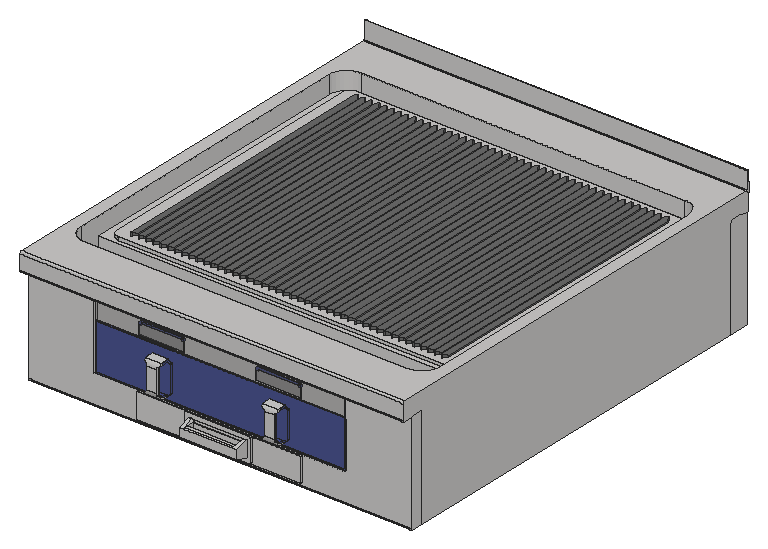
Revit family "QF_ELECTROLUXPROFESSIONAL_589099_MCHNABHOAO", category Specialty Equipment, Revit 2018 (continued)
Definition of nested family "EG_900_800 mm Full Grate"
  Automatic sketch dimensions
    curve 58 to curve 59 = 6.5 mm
    curve 56 to curve 56 = 6.5 mm
    curve 60 to curve 57 = 9.283 mm
    curve 59 to curve 58 = 9.283 mm
    curve 58 to curve 58 = 572.969 mm
    curve 55 to curve 57 = 0 mm
    curve 55 to curve 55 = 9.283 mm
    curve 61 to curve 61 = 6.5 mm
    curve 64 to curve 65 = 6.5 mm
    curve 62 to curve 62 = 6.5 mm
    curve 66 to curve 63 = 9.283 mm
    curve 65 to curve 64 = 9.283 mm
    curve 64 to curve 64 = 572.969 mm
    curve 61 to curve 63 = 0 mm
    curve 61 to curve 61 = 9.283 mm
    curve 67 to curve 67 = 6.5 mm
    curve 70 to curve 71 = 6.5 mm
    curve 68 to curve 68 = 6.5 mm
    curve 72 to curve 69 = 9.283 mm
    curve 71 to curve 70 = 9.283 mm
    curve 70 to curve 70 = 572.969 mm
    curve 67 to curve 69 = 0 mm
    curve 67 to curve 67 = 9.283 mm
    curve 73 to curve 73 = 6.5 mm
    curve 76 to curve 77 = 6.5 mm
    curve 74 to curve 74 = 6.5 mm
    curve 78 to curve 75 = 9.283 mm
    curve 77 to curve 76 = 9.283 mm
    curve 76 to curve 76 = 572.969 mm
    curve 73 to curve 75 = 0 mm
    curve 73 to curve 73 = 9.283 mm
    curve 79 to curve 79 = 6.5 mm
    curve 82 to curve 83 = 6.5 mm
    curve 80 to curve 80 = 6.5 mm
    curve 84 to curve 81 = 9.283 mm
    curve 83 to curve 82 = 9.283 mm
    curve 82 to curve 82 = 572.969 mm
    curve 79 to curve 81 = 0 mm
    curve 79 to curve 79 = 9.283 mm
    curve 85 to curve 85 = 6.5 mm
    curve 88 to curve 89 = 6.5 mm
    curve 86 to curve 86 = 6.5 mm
    curve 90 to curve 87 = 9.283 mm
    curve 89 to curve 88 = 9.283 mm
    curve 88 to curve 88 = 572.969 mm
    curve 85 to curve 87 = 0 mm
    curve 85 to curve 85 = 9.283 mm
    curve 91 to curve 91 = 6.5 mm
    curve 94 to curve 95 = 6.5 mm
    curve 92 to curve 92 = 6.5 mm
    curve 96 to curve 93 = 9.283 mm
    curve 95 to curve 94 = 9.283 mm
    curve 94 to curve 94 = 572.969 mm
    curve 91 to curve 93 = 0 mm
    curve 91 to curve 91 = 9.283 mm
    curve 97 to curve 97 = 6.5 mm
    curve 100 to curve 101 = 6.5 mm
    curve 98 to curve 98 = 6.5 mm
    curve 102 to curve 99 = 9.283 mm
    curve 101 to curve 100 = 9.283 mm
    curve 100 to curve 100 = 572.969 mm
    curve 97 to curve 99 = 0 mm
    curve 97 to curve 97 = 9.283 mm
    curve 103 to curve 103 = 6.5 mm
    curve 106 to curve 107 = 6.5 mm
    curve 104 to curve 104 = 6.5 mm
    curve 108 to curve 105 = 9.283 mm
    curve 107 to curve 106 = 9.283 mm
    curve 106 to curve 106 = 572.969 mm
    curve 103 to curve 105 = 0 mm
    curve 103 to curve 103 = 9.283 mm
    curve 109 to curve 109 = 6.5 mm
    curve 112 to curve 113 = 6.5 mm
    curve 110 to curve 110 = 6.5 mm
    curve 114 to curve 111 = 9.283 mm
    curve 113 to curve 112 = 9.283 mm
    curve 112 to curve 112 = 572.969 mm
    curve 109 to curve 111 = 0 mm
    curve 109 to curve 109 = 9.283 mm
    curve 115 to curve 115 = 6.5 mm
    curve 118 to curve 119 = 6.5 mm
    curve 116 to curve 116 = 6.5 mm
    curve 120 to curve 117 = 9.283 mm
    curve 119 to curve 118 = 9.283 mm
    curve 118 to curve 118 = 572.969 mm
    curve 115 to curve 117 = 0 mm
    curve 115 to curve 115 = 9.283 mm
    curve 121 to curve 121 = 6.5 mm
    curve 124 to curve 125 = 6.5 mm
    curve 122 to curve 122 = 6.5 mm
    curve 126 to curve 123 = 9.283 mm
    curve 125 to curve 124 = 9.283 mm
    curve 124 to curve 124 = 572.969 mm
    curve 121 to curve 123 = 0 mm
    curve 121 to curve 121 = 9.283 mm
    curve 127 to curve 127 = 6.5 mm
    curve 130 to curve 131 = 6.5 mm
    curve 128 to curve 128 = 6.5 mm
    curve 132 to curve 129 = 9.283 mm
    curve 131 to curve 130 = 9.283 mm
    curve 130 to curve 130 = 572.969 mm
    curve 127 to curve 129 = 0 mm
    curve 127 to curve 127 = 9.283 mm
    curve 133 to curve 133 = 6.5 mm
    curve 136 to curve 137 = 6.5 mm
    curve 134 to curve 134 = 6.5 mm
    curve 138 to curve 135 = 9.283 mm
    curve 137 to curve 136 = 9.283 mm
    curve 136 to curve 136 = 572.969 mm
    curve 133 to curve 135 = 0 mm
    curve 133 to curve 133 = 9.283 mm
    curve 139 to curve 139 = 6.5 mm
    curve 142 to curve 143 = 6.5 mm
    curve 140 to curve 140 = 6.5 mm
    curve 144 to curve 141 = 9.283 mm
    curve 143 to curve 142 = 9.283 mm
    curve 142 to curve 142 = 572.969 mm
    curve 139 to curve 141 = 0 mm
    curve 139 to curve 139 = 9.283 mm
    curve 145 to curve 145 = 6.5 mm
    curve 148 to curve 149 = 6.5 mm
    curve 146 to curve 146 = 6.5 mm
    curve 150 to curve 147 = 9.283 mm
    curve 149 to curve 148 = 9.283 mm
    curve 148 to curve 148 = 572.969 mm
    curve 145 to curve 147 = 0 mm
    curve 145 to curve 145 = 9.283 mm
    curve 151 to curve 151 = 6.5 mm
    curve 154 to curve 155 = 6.5 mm
    curve 152 to curve 152 = 6.5 mm
    curve 156 to curve 153 = 9.283 mm
    curve 155 to curve 154 = 9.283 mm
    curve 154 to curve 154 = 572.969 mm
    curve 151 to curve 153 = 0 mm
    curve 151 to curve 151 = 9.283 mm
    curve 157 to curve 157 = 6.5 mm
    curve 160 to curve 161 = 6.5 mm
    curve 158 to curve 158 = 6.5 mm
    curve 162 to curve 159 = 9.283 mm
    curve 161 to curve 160 = 9.283 mm
    curve 160 to curve 160 = 572.969 mm
    curve 157 to curve 159 = 0 mm
    curve 157 to curve 157 = 9.283 mm
    curve 163 to curve 163 = 6.5 mm
    curve 166 to curve 167 = 6.5 mm
    curve 164 to curve 164 = 6.5 mm
    curve 168 to curve 165 = 9.283 mm
    curve 167 to curve 166 = 9.283 mm
    curve 166 to curve 166 = 572.969 mm
    curve 163 to curve 165 = 0 mm
    curve 163 to curve 163 = 9.283 mm
    curve 169 to curve 169 = 6.5 mm
    curve 172 to curve 173 = 6.5 mm
    curve 170 to curve 170 = 6.5 mm
    curve 174 to curve 171 = 9.283 mm
    curve 173 to curve 172 = 9.283 mm
    curve 172 to curve 172 = 572.969 mm
    curve 169 to curve 171 = 0 mm
    curve 169 to curve 169 = 9.283 mm
    curve 175 to curve 175 = 6.5 mm
    curve 178 to curve 179 = 6.5 mm
    curve 176 to curve 176 = 6.5 mm
    curve 180 to curve 177 = 9.283 mm
    curve 179 to curve 178 = 9.283 mm
    curve 178 to curve 178 = 572.969 mm
    curve 175 to curve 177 = 0 mm
    curve 175 to curve 175 = 9.283 mm
    curve 181 to curve 181 = 6.5 mm
    curve 184 to curve 185 = 6.5 mm
    curve 182 to curve 182 = 6.5 mm
    curve 186 to curve 183 = 9.283 mm
    curve 185 to curve 184 = 9.283 mm
    curve 184 to curve 184 = 572.969 mm
    curve 181 to curve 183 = 0 mm
    curve 181 to curve 181 = 9.283 mm
    curve 187 to curve 187 = 6.5 mm
    curve 190 to curve 191 = 6.5 mm
    curve 188 to curve 188 = 6.5 mm
    curve 192 to curve 189 = 9.283 mm
    curve 191 to curve 190 = 9.283 mm
    curve 190 to curve 190 = 572.969 mm
    curve 187 to curve 189 = 0 mm
    curve 187 to curve 187 = 9.283 mm
    curve 193 to curve 193 = 6.5 mm
    curve 196 to curve 197 = 6.5 mm
    curve 194 to curve 194 = 6.5 mm
    curve 198 to curve 195 = 9.283 mm
    curve 197 to curve 196 = 9.283 mm
    curve 196 to curve 196 = 572.969 mm
    curve 193 to curve 195 = 0 mm
    curve 193 to curve 193 = 9.283 mm
    curve 199 to curve 199 = 6.5 mm
    curve 202 to curve 203 = 6.5 mm
    curve 200 to curve 200 = 6.5 mm
    curve 204 to curve 201 = 9.283 mm
    curve 203 to curve 202 = 9.283 mm
    curve 202 to curve 202 = 572.969 mm
    curve 199 to curve 201 = 0 mm
    curve 199 to curve 199 = 9.283 mm
    curve 205 to curve 205 = 6.5 mm
    curve 208 to curve 209 = 6.5 mm
    curve 206 to curve 206 = 6.5 mm
    curve 210 to curve 207 = 9.283 mm
    curve 209 to curve 208 = 9.283 mm
    curve 208 to curve 208 = 572.969 mm
    curve 205 to curve 207 = 0 mm
    curve 205 to curve 205 = 9.283 mm
    curve 211 to curve 211 = 6.5 mm
    curve 214 to curve 215 = 6.5 mm
    curve 212 to curve 212 = 6.5 mm
    curve 216 to curve 213 = 9.283 mm
    curve 215 to curve 214 = 9.283 mm
    curve 214 to curve 214 = 572.969 mm
    curve 211 to curve 213 = 0 mm
    curve 211 to curve 211 = 9.283 mm
    curve 217 to curve 217 = 6.5 mm
    curve 220 to curve 221 = 6.5 mm
    curve 218 to curve 218 = 6.5 mm
    curve 222 to curve 219 = 9.283 mm
    curve 221 to curve 220 = 9.283 mm
    curve 220 to curve 220 = 572.969 mm
    curve 217 to curve 219 = 0 mm
    curve 217 to curve 217 = 9.283 mm
    curve 223 to curve 223 = 6.5 mm
    curve 226 to curve 227 = 6.5 mm
    curve 224 to curve 224 = 6.5 mm
    curve 228 to curve 225 = 9.283 mm
    curve 227 to curve 226 = 9.283 mm
    curve 226 to curve 226 = 572.969 mm
    curve 223 to curve 225 = 0 mm
    curve 223 to curve 223 = 9.283 mm
    curve 229 to curve 229 = 6.5 mm
    curve 232 to curve 233 = 6.5 mm
    curve 230 to curve 230 = 6.5 mm
    curve 234 to curve 231 = 9.283 mm
    curve 233 to curve 232 = 9.283 mm
    curve 232 to curve 232 = 572.969 mm
    curve 229 to curve 231 = 0 mm
    curve 229 to curve 229 = 9.283 mm
    curve 235 to curve 235 = 6.5 mm
    curve 238 to curve 239 = 6.5 mm
    curve 236 to curve 236 = 6.5 mm
    curve 240 to curve 237 = 9.283 mm
    curve 239 to curve 238 = 9.283 mm
    curve 238 to curve 238 = 572.969 mm
    curve 235 to curve 237 = 0 mm
    curve 235 to curve 235 = 9.283 mm
    curve 241 to curve 241 = 6.5 mm
    curve 244 to curve 245 = 6.5 mm
    curve 242 to curve 242 = 6.5 mm
    curve 246 to curve 243 = 9.283 mm
    curve 245 to curve 244 = 9.283 mm
    curve 244 to curve 244 = 572.969 mm
    curve 241 to curve 243 = 0 mm
    curve 241 to curve 241 = 9.283 mm
    curve 247 to curve 247 = 6.5 mm
    curve 250 to curve 251 = 6.5 mm
    curve 248 to curve 248 = 6.5 mm
    curve 252 to curve 249 = 9.283 mm
    curve 251 to curve 250 = 9.283 mm
    curve 250 to curve 250 = 572.969 mm
    curve 247 to curve 249 = 0 mm
    curve 247 to curve 247 = 9.283 mm
    curve 253 to curve 253 = 6.5 mm
    curve 256 to curve 257 = 6.5 mm
    curve 254 to curve 254 = 6.5 mm
    curve 258 to curve 255 = 9.283 mm
    curve 257 to curve 256 = 9.283 mm
    curve 256 to curve 256 = 572.969 mm
    curve 253 to curve 255 = 0 mm
    curve 253 to curve 253 = 9.283 mm
    curve 259 to curve 259 = 6.5 mm
    curve 262 to curve 263 = 6.5 mm
    curve 260 to curve 260 = 6.5 mm
    curve 264 to curve 261 = 9.283 mm
    curve 263 to curve 262 = 9.283 mm
    curve 262 to curve 262 = 572.969 mm
    curve 259 to curve 261 = 0 mm
    curve 259 to curve 259 = 9.283 mm
    curve 268 to plane 8 = 7 mm
  Nested families
    nested 1: "Grate for Griddle" at (-324.5, 0, 11.99), type "Grate for Griddle"
    nested 2: "Grate for Griddle" at (324.5, 0, 11.99), type "Grate for Griddle"
    nested 3: "Grate for Griddle" at (-309.407, 0, 11.99), type "Grate for Griddle"
    nested 4: "Grate for Griddle" at (-294.314, 0, 11.99), type "Grate for Griddle"
    nested 5: "Grate for Griddle" at (-279.221, 0, 11.99), type "Grate for Griddle"
    nested 6: "Grate for Griddle" at (-264.128, 0, 11.99), type "Grate for Griddle"
    nested 7: "Grate for Griddle" at (-249.035, 0, 11.99), type "Grate for Griddle"
    nested 8: "Grate for Griddle" at (-233.942, 0, 11.99), type "Grate for Griddle"
    nested 9: "Grate for Griddle" at (-218.849, 0, 11.99), type "Grate for Griddle"
    nested 10: "Grate for Griddle" at (-203.756, 0, 11.99), type "Grate for Griddle"
    nested 11: "Grate for Griddle" at (-188.663, 0, 11.99), type "Grate for Griddle"
    nested 12: "Grate for Griddle" at (-173.57, 0, 11.99), type "Grate for Griddle"
    nested 13: "Grate for Griddle" at (-158.477, 0, 11.99), type "Grate for Griddle"
    nested 14: "Grate for Griddle" at (-143.384, 0, 11.99), type "Grate for Griddle"
    nested 15: "Grate for Griddle" at (-128.291, 0, 11.99), type "Grate for Griddle"
    nested 16: "Grate for Griddle" at (-113.198, 0, 11.99), type "Grate for Griddle"
    nested 17: "Grate for Griddle" at (-98.105, 0, 11.99), type "Grate for Griddle"
    nested 18: "Grate for Griddle" at (-83.012, 0, 11.99), type "Grate for Griddle"
    nested 19: "Grate for Griddle" at (-67.919, 0, 11.99), type "Grate for Griddle"
    nested 20: "Grate for Griddle" at (-52.826, 0, 11.99), type "Grate for Griddle"
    nested 21: "Grate for Griddle" at (-37.733, 0, 11.99), type "Grate for Griddle"
    nested 22: "Grate for Griddle" at (-22.64, 0, 11.99), type "Grate for Griddle"
    nested 23: "Grate for Griddle" at (-7.547, 0, 11.99), type "Grate for Griddle"
    nested 24: "Grate for Griddle" at (7.547, 0, 11.99), type "Grate for Griddle"
    nested 25: "Grate for Griddle" at (22.64, 0, 11.99), type "Grate for Griddle"
    nested 26: "Grate for Griddle" at (37.733, 0, 11.99), type "Grate for Griddle"
    nested 27: "Grate for Griddle" at (52.826, 0, 11.99), type "Grate for Griddle"
    nested 28: "Grate for Griddle" at (67.919, 0, 11.99), type "Grate for Griddle"
    nested 29: "Grate for Griddle" at (83.012, 0, 11.99), type "Grate for Griddle"
    nested 30: "Grate for Griddle" at (98.105, 0, 11.99), type "Grate for Griddle"
    nested 31: "Grate for Griddle" at (113.198, 0, 11.99), type "Grate for Griddle"
    nested 32: "Grate for Griddle" at (128.291, 0, 11.99), type "Grate for Griddle"
    nested 33: "Grate for Griddle" at (143.384, 0, 11.99), type "Grate for Griddle"
    nested 34: "Grate for Griddle" at (158.477, 0, 11.99), type "Grate for Griddle"
    nested 35: "Grate for Griddle" at (173.57, 0, 11.99), type "Grate for Griddle"
    nested 36: "Grate for Griddle" at (188.663, 0, 11.99), type "Grate for Griddle"
    nested 37: "Grate for Griddle" at (203.756, 0, 11.99), type "Grate for Griddle"
    nested 38: "Grate for Griddle" at (218.849, 0, 11.99), type "Grate for Griddle"
    nested 39: "Grate for Griddle" at (233.942, 0, 11.99), type "Grate for Griddle"
    nested 40: "Grate for Griddle" at (249.035, 0, 11.99), type "Grate for Griddle"
    nested 41: "Grate for Griddle" at (264.128, 0, 11.99), type "Grate for Griddle"
    nested 42: "Grate for Griddle" at (279.221, 0, 11.99), type "Grate for Griddle"
    nested 43: "Grate for Griddle" at (294.314, 0, 11.99), type "Grate for Griddle"
    nested 44: "Grate for Griddle" at (309.407, 0, 11.99), type "Grate for Griddle"
  Definition of nested family "Grate for Griddle"
    Reference planes
      plane 1 "Center (Front/Back)": y = 0
      plane 2: z = 0
      plane 3 "Center (Left/Right)": x = 0
      plane 4: x = -5.214
      plane 5: x = 7.786
      plane 6: y = 294
      plane 7: y = -294
    Forms (mm)
      Extrusion 1, solid
        sketch origin (1322.686, 294, -6.066) x (1, 0, 0) y (0, 0, 1)
          loop
            line (-1316.186, 888.55) -> (-1316.186, 890.55)
            arc (-1316.186, 890.55) -> (-1322.686, 894.177) -> (-1329.186, 890.55) r 7.638
            line (-1329.186, 890.55) -> (-1329.186, 888.55) -> (-1316.186, 888.55)
        from 0 to 588
      Extrusion 2, void
        sketch origin (0, 0, 0) x (1, 0, 0) y (0, 1, 0)
          loop
            line (-1.237, 294) -> (-6.5, 294) -> (-6.5, 286.484) -> (-1.237, 294)
          loop
            line (1.237, 294) -> (6.5, 286.484) -> (6.5, 294) -> (1.237, 294)
          loop
            line (-1.237, -294) -> (-6.5, -286.484) -> (-6.5, -294) -> (-1.237, -294)
          loop
            line (1.237, -294) -> (6.5, -294) -> (6.5, -286.484) -> (1.237, -294)
        from 878.991 to 892.372
    Cuts and joins
      Extrusion 2 cuts Extrusion 1
    Lines and regions (mm)
      symbolic lines
        curve 1: line (6.5, -286.484, 0) -> (6.5, 286.484, 0)
        curve 2: line (6.5, -286.484, 0) -> (1.237, -294, 0)
        curve 3: line (-1.237, -294, 0) -> (-6.5, -286.484, 0)
        curve 4: line (-6.5, 286.484, 0) -> (-6.5, -286.484, 0)
        curve 5: line (-6.5, 286.484, 0) -> (-1.237, 294, 0)
        curve 6: line (1.237, 294, 0) -> (6.5, 286.484, 0)
    Dimensions and locks
      plane 6 to plane 7 = 588 mm
      aligned and locked: Extrusion 1 to plane 7
      aligned and locked: plane 6 to Extrusion 1
      aligned and locked: curve 1 to cut or joined group of Extrusion 1, Extrusion 2
      aligned and locked: curve 2 to cut or joined group of Extrusion 1, Extrusion 2
      aligned and locked: curve 3 to cut or joined group of Extrusion 1, Extrusion 2
      aligned and locked: curve 4 to cut or joined group of Extrusion 1, Extrusion 2
      aligned and locked: curve 5 to cut or joined group of Extrusion 1, Extrusion 2
      aligned and locked: curve 6 to cut or joined group of Extrusion 1, Extrusion 2
